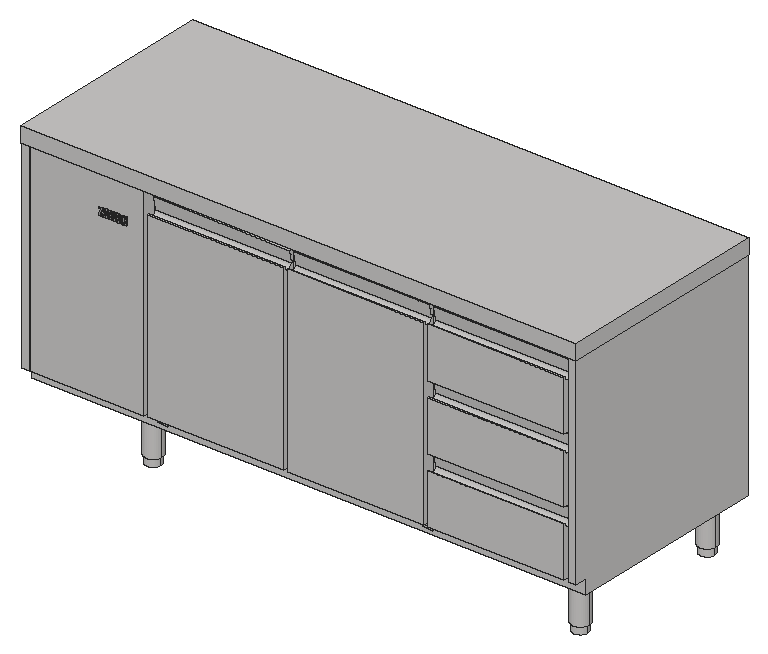
Revit family "QF_ZANUSSI_111043_ZH3HBAAC", category Specialty Equipment, Revit 2018
Family settings
  Round Connector Dimension = Use Diameter
  Part Type = Normal
  Work Plane-Based = No
  Always vertical = Yes
  Cut with Voids When Loaded = No
  Shared = No
  Room Calculation Point = No
Parameters
  Weight = 0.00 kg
  Watts = 0.0232258 W
  Volts = 220 V
  URL Manufacturer = "http://www.zanussiprofessional.com/"
  URL = "http://www.zanussiprofessional.com/"
  Steam Supply Size = 0 mm
  Steam Supply Minimum Pressure = 0.0 Pa
  Steam Supply Maximum Pressure = 0.0 Pa
  Steam Pounds per Hour = 0
  Show Logo [instance] = yes
  Show Clearance [instance] = yes
  Refrigeration Suction Line Size = 0 mm
  Refrigeration Liquid Line Size = 0 mm
  Refrigerant Compressor Remote = yes
  Manufacturer = "Zanussi"
  Phase = 1
  Model = "ZH3HBAAC"
  Length Actual = 1799 mm  # constant formula
  Item Number = "111043"
  Hot Water Size = 0 mm
  Height Actual = 900 mm  # constant formula
  HP = "0.3 HP"
  Gas Size = 0 mm
  Gas KW = 0
  Gas Input Pressure = 0 W
  Description = "2DOOR+3x1/3DRAWERS REFR.TABLE 440L"
  Depth Actual = 700 mm  # constant formula
  Cycle = 50 Hz
  Condensate Return Size = 0 mm
  Compressed Air Volume = 0.0 L/s
  Compressed Air Size = 0 mm
  Compressed Air Pressure = 0.0 Pa
  Cold Water Size = 0 mm
  Accessory = yes
Reference planes
  plane 1 "Center X": y = 182.5
  plane 2: z = 0
  plane 3 "Center Y": x = -353.5
  plane 4: y = -62.5
  plane 5: y = 451.5
  plane 6 "BACK": y = 532.5
  plane 7 "FRONT": y = -167.5
  plane 8: x = -906
  plane 9: x = 478
  plane 10: z = 150
  plane 11 "TOP": z = 900
  plane 12: z = 850
  plane 13 "LEFT": x = -1251
  plane 14 "RIGHT": x = 544
  plane 15: x = -1253
  plane 16: x = 546
Forms (mm)
  Extrusion 1, solid, material "QF_Finishes_Stainless Steel"
    sketch origin (-353.5, 2, 0) x (0, 1, 0) y (0, 0, 1)
      loop
        line (530.5, 150) -> (530.5, 850) -> (-124.5, 850) -> (-124.5, 150) -> (530.5, 150)
    from -897.5 to 897.5
  Extrusion 2, solid, material "QF_Finishes_Stainless Steel"
    sketch origin (-1022.223, -1524, 150) x (-1, 0, 0) y (0, -1, 0)
      loop
        line (228.777, -1361.5) -> (203.777, -1361.5) -> (203.777, -1401.5) -> (228.777, -1401.5) -> (228.777, -1361.5)
      loop
        line (-1566.223, -1401.5) -> (-1541.223, -1401.5) -> (-1541.223, -1361.5) -> (-1566.223, -1361.5) -> (-1566.223, -1401.5)
    from 47 to 700
  Extrusion 3, solid, material "QF_Finishes_Stainless Steel"
    sketch origin (0, 0, 900) x (-1, 0, 0) y (0, -1, 0)
      loop
        circle (170, -94.5) r 8.45
    from -790.577 to -750
  Extrusion 4, solid, material "QF_Finishes_Stainless Steel"
    sketch origin (0, 0, 0) x (1, 0, 0) y (0, 1, 0)
      loop
        circle (-1167, 451.5) r 4
    from 109.423 to 150
  Extrusion 5, solid, material "QF_Finishes_Stainless Steel"
    sketch origin (-126.5, 0, 0) x (0, 1, 0) y (0, 0, 1)
      loop
        line (-167.5, 900) -> (-167.5, 850) -> (532.5, 850) -> (532.5, 900) -> (-167.5, 900)
    from 672.5 to -1126.5
Cuts and joins
  joined: Extrusion 1, Extrusion 2
Lines and regions (mm)
  symbolic lines, style "SpecialityEquipmentHiddenLines"
    curve 1: line (-1253, -122.5, 900) -> (546, -122.5, 900)
    curve 2: line (-850, -167.5, 900) -> (-850, -122.5, 900)
  symbolic lines, style "SpecialityEquipment"
    curve 3: line (-1253, 532.5, 900) -> (546, 532.5, 900)
    curve 4: line (-1253, 532.5, 900) -> (-1253, -167.5, 900)
    curve 5: line (-1253, -167.5, 900) -> (546, -167.5, 900)
    curve 6: line (546, -167.5, 900) -> (546, 532.5, 900)
Dimensions and locks
  locked: plane 6 "BACK" to plane 7 "FRONT" at 700
  equal spacing: plane 6 "BACK", plane 1 "Center X", plane 7 "FRONT"
  locked: plane 6 "BACK" to plane 5 at 81
  plane 10 to level = 150 mm
  plane 11 "TOP" to plane 12 to plane 10 = 50 mm locked, 700 mm locked
  locked: Extrusion 2 sketch curve to Extrusion 2 sketch curve at 25  (x2)
  locked: plane 4 to plane 7 "FRONT" at 105
  locked: plane 6 "BACK" to Extrusion 3 sketch curve at 438
  equal spacing: plane 13 "LEFT", plane 3 "Center Y", plane 14 "RIGHT"
  plane 15 to plane 16 = 1799 mm
  locked: plane 13 "LEFT" to plane 8 at 345
  locked: plane 9 to plane 14 "RIGHT" at 66
  Extrusion 3 sketch curve to plane 14 "RIGHT" = 714 mm
  plane 13 "LEFT" to Extrusion 4 sketch curve = 84 mm
  locked: plane 6 "BACK" to Extrusion 4 sketch curve at 81
  locked: plane 10 to Extrusion 4 at 40.577
  aligned and locked: level to plane 2
  aligned and locked: plane 10 to Extrusion 3
  aligned and locked: nested 4 to plane 4
  aligned and locked: nested 1 to plane 4
  aligned and locked: nested 3 to plane 5
  aligned and locked: nested 2 to plane 5
  aligned and locked: plane 8 to nested 1
  aligned and locked: plane 8 to nested 2
  aligned and locked: plane 9 to nested 4
  aligned and locked: plane 9 to nested 3
  aligned and locked: Extrusion 1 to Extrusion 2
  aligned and locked: Extrusion 2 to Extrusion 1
  aligned and locked: Extrusion 2 sketch curve to plane 14 "RIGHT"
  aligned and locked: plane 13 "LEFT" to Extrusion 2 sketch curve
  aligned and locked: cut or joined group of Extrusion 1, Extrusion 2 to plane 10
  aligned and locked: plane 12 to cut or joined group of Extrusion 1, Extrusion 2
  aligned and locked: plane 10 to Extrusion 4
Automatic sketch dimensions
  plane 7 "FRONT" to Extrusion 2 sketch curve = 45 mm  (x2)
  plane 7 "FRONT" to Extrusion 2 sketch curve = 5 mm  (x2)
  Extrusion 1 sketch curve to plane 10 = 0 mm
  Extrusion 1 sketch curve to plane 12 = 0 mm
  Extrusion 1 sketch curve to plane 6 "BACK" = 0 mm
  plane 7 "FRONT" to Extrusion 1 sketch curve = 45 mm
  Extrusion 5 sketch curve to plane 7 "FRONT" = 0 mm
  Extrusion 5 sketch curve to plane 6 "BACK" = 0 mm
  Extrusion 5 sketch curve to plane 12 = 0 mm
  Extrusion 5 sketch curve to plane 11 "TOP" = 0 mm
  curve 6 to plane 6 "BACK" = 0 mm
  curve 6 to plane 16 = 0 mm
  curve 2 to plane 7 "FRONT" = 0 mm
  curve 5 to plane 15 = 0 mm
  plane 8 to curve 2 = 56 mm
  curve 1 to curve 4 = 45 mm
  radius of Extrusion 3 sketch curve = 8.45 mm
  radius of Extrusion 4 sketch curve = 4 mm
Nested families
  nested 1: "Foot_Ø50_H150" at (-906, -62.5, 0), type "Foot_Ø50_H150"
  nested 2: "Foot_Ø50_H150" at (-906, 451.5, 0), type "Foot_Ø50_H150"
  nested 3: "Foot_Ø50_H150" at (478, 451.5, 0), type "Foot_Ø50_H150"
  nested 4: "Foot_Ø50_H150" at (478, -62.5, 0), type "Foot_Ø50_H150"
  nested 5: "3x1-3 Drawers" at (285, -164.5, 0), Show Clearance <- "Show Clearance", type "3x1-3 Drawers"
  nested 6: "Door" at (-169, -164.5, 0), Show Clearance <- "Show Clearance", type "Door"
  nested 7: "Refrigerator" at (544, -167.5, 900), type "Refrigerator"
  nested 8: "ZAN_Cooling Unit" at (-1041.5, -164.5, 0), Show Logo <- "Show Logo", type "ZAN_Cooling Unit"
  nested 9: "Door" at (-623, -164.5, 0) x (-1, 0, 0) z (0, 0, 1), Show Clearance <- "Show Clearance", type "Door"
Connectors
  electrical at (-1167, 451.5, 109.423), driven by "Volts"
    settings: on Extrusion 4, index 4, voltage 220 V, apparent load 0 VA, apparent load phase1 0 VA, apparent load phase2 0 VA, apparent load phase3 0 VA, power factor 1, load classification "Altro", number of poles 1, system type 30, power factor state 1, is connector primary yes, connector utility no, sub classification motor no, connector description "Electrical Connection"
  piping at (-170, 94.5, 109.423), diameter 17
    settings: on Extrusion 3, index 5, connector inside diameter 609.6 mm, connector length 0 mm, flow factor 0, pipe flow 0.0 L/s, pressure drop 0.0 Pa, fitting loss kfactor 0, connector angle 0.00°, fixture units 0, engagement length 0 mm, angle of deflection 0.00°, flow configuration 1, flow direction 2, fitting loss method 0, system type 16, joint type 0, gender type 0, connector reference index -1, connector utility 0, adjustable connector no, is connector primary yes, connector description "Drain"
Definition of nested family "Foot_Ø50_H150"
  Reference planes
    plane 1 "Centro (Fronte/Retro)": y = 0
    plane 2: z = 0
    plane 3 "Centro (Sinistra/Destra)": x = 0
    plane 4: z = 150
  Forms (mm)
    Revolve 1, solid
      sketch origin (255.05, 0, 608.09) x (0, 0, 1) y (-1, 0, 0)
        loop
          line (-608.09, 255.05) -> (-608.09, 230.05) -> (-583.09, 230.05) -> (-583.09, 226.05) -> (-458.09, 226.05) -> (-458.09, 255.05) -> (-608.09, 255.05)
        axis (-608.09, 255.05) -> (-458.09, 255.05)
      angle from 0 to 360
  Dimensions and locks
    locked: Revolve 1 sketch curve to Revolve 1 sketch curve at 125
    aligned and locked: level to plane 2
    aligned and locked: plane 4 to Revolve 1 sketch curve
    aligned and locked: Revolve 1 sketch curve to level
    aligned and locked: plane 3 "Centro (Sinistra/Destra)" to Revolve 1 sketch curve
Definition of nested family "3x1-3 Drawers"
  Parameters
    Show Clearance [instance] = yes
  Reference planes
    plane 1 "FRONT": y = -3
    plane 2: z = 0
    plane 3 "Centro (Sinistra/Destra)": x = 0
    plane 4: z = 150
    plane 5: z = 850
    plane 6: x = -234
    plane 7: x = 234
    plane 8: x = -220
    plane 9: x = 220
  Forms (mm)
    Extrusion 1, solid
      sketch origin (0, 55, 511) x (0, 0, 1) y (0, -1, 0)
        loop
          line (314, 18) -> (314, 29) -> (274.395, 22.5)
          arc (274.395, 22.5) -> (260.395, 36.5) -> (274.395, 50.5) r 14
          line (274.395, 50.5) -> (274.395, 53) -> (111.333, 53) -> (111.333, 18) -> (314, 18)
        loop
          line (101.333, 29) -> (61.728, 22.5)
          arc (61.728, 22.5) -> (47.728, 36.5) -> (61.728, 50.5) r 14
          line (61.728, 50.5) -> (61.728, 53) -> (-101.333, 53) -> (-101.333, 18) -> (101.333, 18) -> (101.333, 29)
        loop
          line (-314, 18) -> (-111.333, 18) -> (-111.333, 29) -> (-150.939, 22.5)
          arc (-150.939, 22.5) -> (-164.939, 36.5) -> (-150.939, 50.5) r 14
          line (-150.939, 50.5) -> (-150.939, 53) -> (-314, 53) -> (-314, 18)
      from -220 to 220
    Extrusion 2, solid, visible <- "Show Clearance", detail levels coarse
      sketch origin (0, -462, 511) x (0, 0, 1) y (0, -1, 0)
        loop
          line (-314, 109) -> (-314, -464) -> (-111.333, -464) -> (-111.333, 109) -> (-314, 109)
        loop
          line (314, -464) -> (314, 109) -> (111.333, 109) -> (111.333, -464) -> (314, -464)
        loop
          line (101.333, 109) -> (-101.333, 109) -> (-101.333, -464) -> (101.333, -464) -> (101.333, 109)
      from -220 to 220
  Lines and regions (mm)
    symbolic lines
      curve 1: line (-190, -3, 0) -> (-190, -48, 0)
      curve 2: line (220, -48, 0) -> (-220, -48, 0)
      curve 3: line (-220, -48, 0) -> (-220, -83, 0)
      curve 4: line (-220, -83, 0) -> (220, -83, 0)
      curve 5: line (220, -83, 0) -> (220, -48, 0)
      curve 6: line (190, -48, 0) -> (190, -3, 0)
      curve 7: line (-190, -83, 0) -> (-190, -128, 0)
      curve 8: line (220, -128, 0) -> (-220, -128, 0)
      curve 9: line (-220, -128, 0) -> (-220, -163, 0)
      curve 10: line (-220, -163, 0) -> (220, -163, 0)
      curve 11: line (220, -163, 0) -> (220, -128, 0)
      curve 12: line (190, -128, 0) -> (190, -83, 0)
      curve 13: line (-190, -163, 0) -> (-190, -208, 0)
      curve 14: line (220, -208, 0) -> (-220, -208, 0)
      curve 15: line (-220, -208, 0) -> (-220, -243, 0)
      curve 16: line (-220, -243, 0) -> (220, -243, 0)
      curve 17: line (220, -243, 0) -> (220, -208, 0)
      curve 18: line (190, -208, 0) -> (190, -163, 0)
  Dimensions and locks
    aligned and locked: level to plane 2
Definition of nested family "Door"
  Parameters
    Show Clearance [instance] = yes
  Reference planes
    plane 1 "FRONT": y = -3
    plane 2: z = 0
    plane 3 "Centro (Sinistra/Destra)": x = 0
    plane 4: z = 150
    plane 5: z = 850
    plane 6: x = -234
    plane 7: x = 234
    plane 8: x = -220
    plane 9: x = 220
  Forms (mm)
    Extrusion 1, solid
      sketch origin (0, 53, 511) x (0, 0, 1) y (0, -1, 0)
        loop
          line (-323.003, 28.5) -> (-316.501, 28.5) -> (-316.501, 31) -> (-325.503, 31) -> (-325.503, 13.5) -> (-345.503, 13.5) -> (-345.503, 11) -> (-323.003, 11) -> (-323.003, 23.259) -> (-323.003, 28.5)
        loop
          line (-314, 27) -> (-316.501, 27) -> (-316.501, 18.501) -> (-319.752, 18.501) -> (-319.752, 16) -> (-314, 16) -> (-314, 27)
        loop
          line (315.003, 27) -> (315.003, 13.948) -> (315.003, 11) -> (327.503, 11) -> (327.503, 13.5) -> (317.503, 13.5) -> (317.503, 27) -> (315.003, 27)
      from 185 to 220
    Extrusion 2, solid, visible <- "Show Clearance", detail levels coarse
      sketch origin (0, 53, 511) x (0, -1, 0) y (1, 0, 0)
        loop
          line (51, 220) -> (51, -220)
          arc (51, -220) -> (339.234, -79.44) -> (454, 220) r 437.168
          line (454, 220) -> (51, 220)
      from -314 to 314
    Extrusion 3, solid
      sketch origin (0, 55, 511) x (0, 0, 1) y (0, -1, 0)
        loop
          line (314, 18) -> (314, 29) -> (274.395, 22.5)
          arc (274.395, 22.5) -> (260.395, 36.5) -> (274.395, 50.5) r 14
          line (274.395, 50.5) -> (274.395, 53) -> (-314, 53) -> (-314, 18) -> (314, 18)
      from -220 to 220
  Lines and regions (mm)
    symbolic lines
      curve 1: line (220, -3, 0) -> (220, -401, 0)
      curve 2: line (220, -401, 0) -> (185, -401, 0)
      curve 3: line (185, -401, 0) -> (185, -3, 0)
      curve 4: arc (-219.722, -3, 0) -> (-89.51, -275.368, 0) -> (185, -401, 0) r 442.855
  Dimensions and locks
    aligned and locked: level to plane 2
Definition of nested family "ZAN_Cooling Unit"
  Parameters
    Show Logo [instance] = yes
  Reference planes
    plane 1 "FRONT": y = -3
    plane 2: z = 0
    plane 3 "Centro (Sinistra/Destra)": x = 0
    plane 4: z = 150
    plane 5: z = 850
    plane 6: x = -184.5
    plane 7: x = 184.5
  Forms (mm)
    Extrusion 1, solid
      sketch origin (0, 55, 511) x (0, 0, 1) y (0, -1, 0)
        loop
          line (-314, 53) -> (-314, 13) -> (339, 13) -> (339, 53) -> (-314, 53)
      from -184.5 to 184.5
  Lines and regions (mm)
    Split face 1
      outline origin (0, 2, 197) x (0, 0, 1) y (-1, 0, 0)
        loop
          line (566.835, 184.5) -> (566.835, -184.5)
        loop
          line (521.835, 184.5) -> (521.835, -184.5)
    Split face 2
      outline origin (0, 2, 197) x (0, 0, 1) y (-1, 0, 0)
        loop
          arc (510.649, 158.547) -> (506.648, 162.548) -> (502.647, 158.547) r 4.001
          line (502.647, 158.547) -> (502.647, 116.535)
          arc (502.647, 116.535) -> (506.648, 112.533) -> (510.649, 116.535) r 4.001
          line (510.649, 116.535) -> (510.649, 158.547)
    Split face 3
      outline origin (0, 2, 184.996) x (0, 0, 1) y (-1, 0, 0)
        loop
          arc (510.649, 158.547) -> (506.648, 162.548) -> (502.647, 158.547) r 4.001
          line (502.647, 158.547) -> (502.647, 116.535)
          arc (502.647, 116.535) -> (506.648, 112.533) -> (510.649, 116.535) r 4.001
          line (510.649, 116.535) -> (510.649, 158.547)
    Split face 4
      outline origin (0, 2, 172.993) x (0, 0, 1) y (-1, 0, 0)
        loop
          arc (510.649, 158.547) -> (506.648, 162.548) -> (502.647, 158.547) r 4.001
          line (502.647, 158.547) -> (502.647, 116.535)
          arc (502.647, 116.535) -> (506.648, 112.533) -> (510.649, 116.535) r 4.001
          line (510.649, 116.535) -> (510.649, 158.547)
    Split face 5
      outline origin (0, 2, 160.989) x (0, 0, 1) y (-1, 0, 0)
        loop
          arc (510.649, 158.547) -> (506.648, 162.548) -> (502.647, 158.547) r 4.001
          line (502.647, 158.547) -> (502.647, 116.535)
          arc (502.647, 116.535) -> (506.648, 112.533) -> (510.649, 116.535) r 4.001
          line (510.649, 116.535) -> (510.649, 158.547)
    Split face 6
      outline origin (0, 2, 148.986) x (0, 0, 1) y (-1, 0, 0)
        loop
          arc (510.649, 158.547) -> (506.648, 162.548) -> (502.647, 158.547) r 4.001
          line (502.647, 158.547) -> (502.647, 116.535)
          arc (502.647, 116.535) -> (506.648, 112.533) -> (510.649, 116.535) r 4.001
          line (510.649, 116.535) -> (510.649, 158.547)
    Split face 7
      outline origin (0, 2, 136.982) x (0, 0, 1) y (-1, 0, 0)
        loop
          arc (510.649, 158.547) -> (506.648, 162.548) -> (502.647, 158.547) r 4.001
          line (502.647, 158.547) -> (502.647, 116.535)
          arc (502.647, 116.535) -> (506.648, 112.533) -> (510.649, 116.535) r 4.001
          line (510.649, 116.535) -> (510.649, 158.547)
    Split face 8
      outline origin (0, 2, 124.979) x (0, 0, 1) y (-1, 0, 0)
        loop
          arc (510.649, 158.547) -> (506.648, 162.548) -> (502.647, 158.547) r 4.001
          line (502.647, 158.547) -> (502.647, 116.535)
          arc (502.647, 116.535) -> (506.648, 112.533) -> (510.649, 116.535) r 4.001
          line (510.649, 116.535) -> (510.649, 158.547)
    Split face 9
      outline origin (0, 2, 112.975) x (0, 0, 1) y (-1, 0, 0)
        loop
          arc (510.649, 158.547) -> (506.648, 162.548) -> (502.647, 158.547) r 4.001
          line (502.647, 158.547) -> (502.647, 116.535)
          arc (502.647, 116.535) -> (506.648, 112.533) -> (510.649, 116.535) r 4.001
          line (510.649, 116.535) -> (510.649, 158.547)
    Split face 10
      outline origin (0, 2, 100.972) x (0, 0, 1) y (-1, 0, 0)
        loop
          arc (510.649, 158.547) -> (506.648, 162.548) -> (502.647, 158.547) r 4.001
          line (502.647, 158.547) -> (502.647, 116.535)
          arc (502.647, 116.535) -> (506.648, 112.533) -> (510.649, 116.535) r 4.001
          line (510.649, 116.535) -> (510.649, 158.547)
    Split face 11
      outline origin (0, 2, 88.968) x (0, 0, 1) y (-1, 0, 0)
        loop
          arc (510.649, 158.547) -> (506.648, 162.548) -> (502.647, 158.547) r 4.001
          line (502.647, 158.547) -> (502.647, 116.535)
          arc (502.647, 116.535) -> (506.648, 112.533) -> (510.649, 116.535) r 4.001
          line (510.649, 116.535) -> (510.649, 158.547)
    Split face 12
      outline origin (0, 2, 76.965) x (0, 0, 1) y (-1, 0, 0)
        loop
          arc (510.649, 158.547) -> (506.648, 162.548) -> (502.647, 158.547) r 4.001
          line (502.647, 158.547) -> (502.647, 116.535)
          arc (502.647, 116.535) -> (506.648, 112.533) -> (510.649, 116.535) r 4.001
          line (510.649, 116.535) -> (510.649, 158.547)
    Split face 13
      outline origin (0, 2, 64.961) x (0, 0, 1) y (-1, 0, 0)
        loop
          arc (510.649, 158.547) -> (506.648, 162.548) -> (502.647, 158.547) r 4.001
          line (502.647, 158.547) -> (502.647, 116.535)
          arc (502.647, 116.535) -> (506.648, 112.533) -> (510.649, 116.535) r 4.001
          line (510.649, 116.535) -> (510.649, 158.547)
    Split face 14
      outline origin (0, 2, 52.958) x (0, 0, 1) y (-1, 0, 0)
        loop
          arc (510.649, 158.547) -> (506.648, 162.548) -> (502.647, 158.547) r 4.001
          line (502.647, 158.547) -> (502.647, 116.535)
          arc (502.647, 116.535) -> (506.648, 112.533) -> (510.649, 116.535) r 4.001
          line (510.649, 116.535) -> (510.649, 158.547)
    Split face 15
      outline origin (0, 2, 40.954) x (0, 0, 1) y (-1, 0, 0)
        loop
          arc (510.649, 158.547) -> (506.648, 162.548) -> (502.647, 158.547) r 4.001
          line (502.647, 158.547) -> (502.647, 116.535)
          arc (502.647, 116.535) -> (506.648, 112.533) -> (510.649, 116.535) r 4.001
          line (510.649, 116.535) -> (510.649, 158.547)
    Split face 16
      outline origin (0, 2, 28.951) x (0, 0, 1) y (-1, 0, 0)
        loop
          arc (510.649, 158.547) -> (506.648, 162.548) -> (502.647, 158.547) r 4.001
          line (502.647, 158.547) -> (502.647, 116.535)
          arc (502.647, 116.535) -> (506.648, 112.533) -> (510.649, 116.535) r 4.001
          line (510.649, 116.535) -> (510.649, 158.547)
    Split face 17
      outline origin (0, 2, 16.947) x (0, 0, 1) y (-1, 0, 0)
        loop
          arc (510.649, 158.547) -> (506.648, 162.548) -> (502.647, 158.547) r 4.001
          line (502.647, 158.547) -> (502.647, 116.535)
          arc (502.647, 116.535) -> (506.648, 112.533) -> (510.649, 116.535) r 4.001
          line (510.649, 116.535) -> (510.649, 158.547)
    Split face 18
      outline origin (55.016, 2, 197) x (0, 0, 1) y (-1, 0, 0)
        loop
          arc (510.649, 158.547) -> (506.648, 162.548) -> (502.647, 158.547) r 4.001
          line (502.647, 158.547) -> (502.647, 116.535)
          arc (502.647, 116.535) -> (506.648, 112.533) -> (510.649, 116.535) r 4.001
          line (510.649, 116.535) -> (510.649, 158.547)
    Split face 19
      outline origin (55.016, 2, 184.996) x (0, 0, 1) y (-1, 0, 0)
        loop
          arc (510.649, 158.547) -> (506.648, 162.548) -> (502.647, 158.547) r 4.001
          line (502.647, 158.547) -> (502.647, 116.535)
          arc (502.647, 116.535) -> (506.648, 112.533) -> (510.649, 116.535) r 4.001
          line (510.649, 116.535) -> (510.649, 158.547)
    Split face 20
      outline origin (55.016, 2, 172.993) x (0, 0, 1) y (-1, 0, 0)
        loop
          arc (510.649, 158.547) -> (506.648, 162.548) -> (502.647, 158.547) r 4.001
          line (502.647, 158.547) -> (502.647, 116.535)
          arc (502.647, 116.535) -> (506.648, 112.533) -> (510.649, 116.535) r 4.001
          line (510.649, 116.535) -> (510.649, 158.547)
    Split face 21
      outline origin (55.016, 2, 160.989) x (0, 0, 1) y (-1, 0, 0)
        loop
          arc (510.649, 158.547) -> (506.648, 162.548) -> (502.647, 158.547) r 4.001
          line (502.647, 158.547) -> (502.647, 116.535)
          arc (502.647, 116.535) -> (506.648, 112.533) -> (510.649, 116.535) r 4.001
          line (510.649, 116.535) -> (510.649, 158.547)
    Split face 22
      outline origin (55.016, 2, 148.986) x (0, 0, 1) y (-1, 0, 0)
        loop
          arc (510.649, 158.547) -> (506.648, 162.548) -> (502.647, 158.547) r 4.001
          line (502.647, 158.547) -> (502.647, 116.535)
          arc (502.647, 116.535) -> (506.648, 112.533) -> (510.649, 116.535) r 4.001
          line (510.649, 116.535) -> (510.649, 158.547)
    Split face 23
      outline origin (55.016, 2, 136.982) x (0, 0, 1) y (-1, 0, 0)
        loop
          arc (510.649, 158.547) -> (506.648, 162.548) -> (502.647, 158.547) r 4.001
          line (502.647, 158.547) -> (502.647, 116.535)
          arc (502.647, 116.535) -> (506.648, 112.533) -> (510.649, 116.535) r 4.001
          line (510.649, 116.535) -> (510.649, 158.547)
    Split face 24
      outline origin (55.016, 2, 124.979) x (0, 0, 1) y (-1, 0, 0)
        loop
          arc (510.649, 158.547) -> (506.648, 162.548) -> (502.647, 158.547) r 4.001
          line (502.647, 158.547) -> (502.647, 116.535)
          arc (502.647, 116.535) -> (506.648, 112.533) -> (510.649, 116.535) r 4.001
          line (510.649, 116.535) -> (510.649, 158.547)
    Split face 25
      outline origin (55.016, 2, 112.975) x (0, 0, 1) y (-1, 0, 0)
        loop
          arc (510.649, 158.547) -> (506.648, 162.548) -> (502.647, 158.547) r 4.001
          line (502.647, 158.547) -> (502.647, 116.535)
          arc (502.647, 116.535) -> (506.648, 112.533) -> (510.649, 116.535) r 4.001
          line (510.649, 116.535) -> (510.649, 158.547)
    Split face 26
      outline origin (55.016, 2, 100.972) x (0, 0, 1) y (-1, 0, 0)
        loop
          arc (510.649, 158.547) -> (506.648, 162.548) -> (502.647, 158.547) r 4.001
          line (502.647, 158.547) -> (502.647, 116.535)
          arc (502.647, 116.535) -> (506.648, 112.533) -> (510.649, 116.535) r 4.001
          line (510.649, 116.535) -> (510.649, 158.547)
    Split face 27
      outline origin (55.016, 2, 88.968) x (0, 0, 1) y (-1, 0, 0)
        loop
          arc (510.649, 158.547) -> (506.648, 162.548) -> (502.647, 158.547) r 4.001
          line (502.647, 158.547) -> (502.647, 116.535)
          arc (502.647, 116.535) -> (506.648, 112.533) -> (510.649, 116.535) r 4.001
          line (510.649, 116.535) -> (510.649, 158.547)
    Split face 28
      outline origin (55.016, 2, 76.965) x (0, 0, 1) y (-1, 0, 0)
        loop
          arc (510.649, 158.547) -> (506.648, 162.548) -> (502.647, 158.547) r 4.001
          line (502.647, 158.547) -> (502.647, 116.535)
          arc (502.647, 116.535) -> (506.648, 112.533) -> (510.649, 116.535) r 4.001
          line (510.649, 116.535) -> (510.649, 158.547)
    Split face 29
      outline origin (55.016, 2, 64.961) x (0, 0, 1) y (-1, 0, 0)
        loop
          arc (510.649, 158.547) -> (506.648, 162.548) -> (502.647, 158.547) r 4.001
          line (502.647, 158.547) -> (502.647, 116.535)
          arc (502.647, 116.535) -> (506.648, 112.533) -> (510.649, 116.535) r 4.001
          line (510.649, 116.535) -> (510.649, 158.547)
    Split face 30
      outline origin (55.016, 2, 52.958) x (0, 0, 1) y (-1, 0, 0)
        loop
          arc (510.649, 158.547) -> (506.648, 162.548) -> (502.647, 158.547) r 4.001
          line (502.647, 158.547) -> (502.647, 116.535)
          arc (502.647, 116.535) -> (506.648, 112.533) -> (510.649, 116.535) r 4.001
          line (510.649, 116.535) -> (510.649, 158.547)
    Split face 31
      outline origin (55.016, 2, 40.954) x (0, 0, 1) y (-1, 0, 0)
        loop
          arc (510.649, 158.547) -> (506.648, 162.548) -> (502.647, 158.547) r 4.001
          line (502.647, 158.547) -> (502.647, 116.535)
          arc (502.647, 116.535) -> (506.648, 112.533) -> (510.649, 116.535) r 4.001
          line (510.649, 116.535) -> (510.649, 158.547)
    Split face 32
      outline origin (55.016, 2, 28.951) x (0, 0, 1) y (-1, 0, 0)
        loop
          arc (510.649, 158.547) -> (506.648, 162.548) -> (502.647, 158.547) r 4.001
          line (502.647, 158.547) -> (502.647, 116.535)
          arc (502.647, 116.535) -> (506.648, 112.533) -> (510.649, 116.535) r 4.001
          line (510.649, 116.535) -> (510.649, 158.547)
    Split face 33
      outline origin (55.016, 2, 16.947) x (0, 0, 1) y (-1, 0, 0)
        loop
          arc (510.649, 158.547) -> (506.648, 162.548) -> (502.647, 158.547) r 4.001
          line (502.647, 158.547) -> (502.647, 116.535)
          arc (502.647, 116.535) -> (506.648, 112.533) -> (510.649, 116.535) r 4.001
          line (510.649, 116.535) -> (510.649, 158.547)
    Split face 34
      outline origin (110.032, 2, 197) x (0, 0, 1) y (-1, 0, 0)
        loop
          arc (510.649, 158.547) -> (506.648, 162.548) -> (502.647, 158.547) r 4.001
          line (502.647, 158.547) -> (502.647, 116.535)
          arc (502.647, 116.535) -> (506.648, 112.533) -> (510.649, 116.535) r 4.001
          line (510.649, 116.535) -> (510.649, 158.547)
    Split face 35
      outline origin (110.032, 2, 184.996) x (0, 0, 1) y (-1, 0, 0)
        loop
          arc (510.649, 158.547) -> (506.648, 162.548) -> (502.647, 158.547) r 4.001
          line (502.647, 158.547) -> (502.647, 116.535)
          arc (502.647, 116.535) -> (506.648, 112.533) -> (510.649, 116.535) r 4.001
          line (510.649, 116.535) -> (510.649, 158.547)
    Split face 36
      outline origin (110.032, 2, 172.993) x (0, 0, 1) y (-1, 0, 0)
        loop
          arc (510.649, 158.547) -> (506.648, 162.548) -> (502.647, 158.547) r 4.001
          line (502.647, 158.547) -> (502.647, 116.535)
          arc (502.647, 116.535) -> (506.648, 112.533) -> (510.649, 116.535) r 4.001
          line (510.649, 116.535) -> (510.649, 158.547)
    Split face 37
      outline origin (110.032, 2, 160.989) x (0, 0, 1) y (-1, 0, 0)
        loop
          arc (510.649, 158.547) -> (506.648, 162.548) -> (502.647, 158.547) r 4.001
          line (502.647, 158.547) -> (502.647, 116.535)
          arc (502.647, 116.535) -> (506.648, 112.533) -> (510.649, 116.535) r 4.001
          line (510.649, 116.535) -> (510.649, 158.547)
    Split face 38
      outline origin (110.032, 2, 148.986) x (0, 0, 1) y (-1, 0, 0)
        loop
          arc (510.649, 158.547) -> (506.648, 162.548) -> (502.647, 158.547) r 4.001
          line (502.647, 158.547) -> (502.647, 116.535)
          arc (502.647, 116.535) -> (506.648, 112.533) -> (510.649, 116.535) r 4.001
          line (510.649, 116.535) -> (510.649, 158.547)
    Split face 39
      outline origin (110.032, 2, 136.982) x (0, 0, 1) y (-1, 0, 0)
        loop
          arc (510.649, 158.547) -> (506.648, 162.548) -> (502.647, 158.547) r 4.001
          line (502.647, 158.547) -> (502.647, 116.535)
          arc (502.647, 116.535) -> (506.648, 112.533) -> (510.649, 116.535) r 4.001
          line (510.649, 116.535) -> (510.649, 158.547)
    Split face 40
      outline origin (110.032, 2, 124.979) x (0, 0, 1) y (-1, 0, 0)
        loop
          arc (510.649, 158.547) -> (506.648, 162.548) -> (502.647, 158.547) r 4.001
          line (502.647, 158.547) -> (502.647, 116.535)
          arc (502.647, 116.535) -> (506.648, 112.533) -> (510.649, 116.535) r 4.001
          line (510.649, 116.535) -> (510.649, 158.547)
    Split face 41
      outline origin (110.032, 2, 112.975) x (0, 0, 1) y (-1, 0, 0)
        loop
          arc (510.649, 158.547) -> (506.648, 162.548) -> (502.647, 158.547) r 4.001
          line (502.647, 158.547) -> (502.647, 116.535)
          arc (502.647, 116.535) -> (506.648, 112.533) -> (510.649, 116.535) r 4.001
          line (510.649, 116.535) -> (510.649, 158.547)
    Split face 42
      outline origin (110.032, 2, 100.972) x (0, 0, 1) y (-1, 0, 0)
        loop
          arc (510.649, 158.547) -> (506.648, 162.548) -> (502.647, 158.547) r 4.001
          line (502.647, 158.547) -> (502.647, 116.535)
          arc (502.647, 116.535) -> (506.648, 112.533) -> (510.649, 116.535) r 4.001
          line (510.649, 116.535) -> (510.649, 158.547)
    Split face 43
      outline origin (110.032, 2, 88.968) x (0, 0, 1) y (-1, 0, 0)
        loop
          arc (510.649, 158.547) -> (506.648, 162.548) -> (502.647, 158.547) r 4.001
          line (502.647, 158.547) -> (502.647, 116.535)
          arc (502.647, 116.535) -> (506.648, 112.533) -> (510.649, 116.535) r 4.001
          line (510.649, 116.535) -> (510.649, 158.547)
    Split face 44
      outline origin (110.032, 2, 76.965) x (0, 0, 1) y (-1, 0, 0)
        loop
          arc (510.649, 158.547) -> (506.648, 162.548) -> (502.647, 158.547) r 4.001
          line (502.647, 158.547) -> (502.647, 116.535)
          arc (502.647, 116.535) -> (506.648, 112.533) -> (510.649, 116.535) r 4.001
          line (510.649, 116.535) -> (510.649, 158.547)
    Split face 45
      outline origin (110.032, 2, 64.961) x (0, 0, 1) y (-1, 0, 0)
        loop
          arc (510.649, 158.547) -> (506.648, 162.548) -> (502.647, 158.547) r 4.001
          line (502.647, 158.547) -> (502.647, 116.535)
          arc (502.647, 116.535) -> (506.648, 112.533) -> (510.649, 116.535) r 4.001
          line (510.649, 116.535) -> (510.649, 158.547)
    Split face 46
      outline origin (110.032, 2, 52.958) x (0, 0, 1) y (-1, 0, 0)
        loop
          arc (510.649, 158.547) -> (506.648, 162.548) -> (502.647, 158.547) r 4.001
          line (502.647, 158.547) -> (502.647, 116.535)
          arc (502.647, 116.535) -> (506.648, 112.533) -> (510.649, 116.535) r 4.001
          line (510.649, 116.535) -> (510.649, 158.547)
    Split face 47
      outline origin (110.032, 2, 40.954) x (0, 0, 1) y (-1, 0, 0)
        loop
          arc (510.649, 158.547) -> (506.648, 162.548) -> (502.647, 158.547) r 4.001
          line (502.647, 158.547) -> (502.647, 116.535)
          arc (502.647, 116.535) -> (506.648, 112.533) -> (510.649, 116.535) r 4.001
          line (510.649, 116.535) -> (510.649, 158.547)
    Split face 48
      outline origin (110.032, 2, 28.951) x (0, 0, 1) y (-1, 0, 0)
        loop
          arc (510.649, 158.547) -> (506.648, 162.548) -> (502.647, 158.547) r 4.001
          line (502.647, 158.547) -> (502.647, 116.535)
          arc (502.647, 116.535) -> (506.648, 112.533) -> (510.649, 116.535) r 4.001
          line (510.649, 116.535) -> (510.649, 158.547)
    Split face 49
      outline origin (110.032, 2, 16.947) x (0, 0, 1) y (-1, 0, 0)
        loop
          arc (510.649, 158.547) -> (506.648, 162.548) -> (502.647, 158.547) r 4.001
          line (502.647, 158.547) -> (502.647, 116.535)
          arc (502.647, 116.535) -> (506.648, 112.533) -> (510.649, 116.535) r 4.001
          line (510.649, 116.535) -> (510.649, 158.547)
    Split face 50
      outline origin (165.048, 2, 197) x (0, 0, 1) y (-1, 0, 0)
        loop
          arc (510.649, 158.547) -> (506.648, 162.548) -> (502.647, 158.547) r 4.001
          line (502.647, 158.547) -> (502.647, 116.535)
          arc (502.647, 116.535) -> (506.648, 112.533) -> (510.649, 116.535) r 4.001
          line (510.649, 116.535) -> (510.649, 158.547)
    Split face 51
      outline origin (165.048, 2, 184.996) x (0, 0, 1) y (-1, 0, 0)
        loop
          arc (510.649, 158.547) -> (506.648, 162.548) -> (502.647, 158.547) r 4.001
          line (502.647, 158.547) -> (502.647, 116.535)
          arc (502.647, 116.535) -> (506.648, 112.533) -> (510.649, 116.535) r 4.001
          line (510.649, 116.535) -> (510.649, 158.547)
    Split face 52
      outline origin (165.048, 2, 172.993) x (0, 0, 1) y (-1, 0, 0)
        loop
          arc (510.649, 158.547) -> (506.648, 162.548) -> (502.647, 158.547) r 4.001
          line (502.647, 158.547) -> (502.647, 116.535)
          arc (502.647, 116.535) -> (506.648, 112.533) -> (510.649, 116.535) r 4.001
          line (510.649, 116.535) -> (510.649, 158.547)
    Split face 53
      outline origin (165.048, 2, 160.989) x (0, 0, 1) y (-1, 0, 0)
        loop
          arc (510.649, 158.547) -> (506.648, 162.548) -> (502.647, 158.547) r 4.001
          line (502.647, 158.547) -> (502.647, 116.535)
          arc (502.647, 116.535) -> (506.648, 112.533) -> (510.649, 116.535) r 4.001
          line (510.649, 116.535) -> (510.649, 158.547)
    Split face 54
      outline origin (165.048, 2, 148.986) x (0, 0, 1) y (-1, 0, 0)
        loop
          arc (510.649, 158.547) -> (506.648, 162.548) -> (502.647, 158.547) r 4.001
          line (502.647, 158.547) -> (502.647, 116.535)
          arc (502.647, 116.535) -> (506.648, 112.533) -> (510.649, 116.535) r 4.001
          line (510.649, 116.535) -> (510.649, 158.547)
    Split face 55
      outline origin (165.048, 2, 136.982) x (0, 0, 1) y (-1, 0, 0)
        loop
          arc (510.649, 158.547) -> (506.648, 162.548) -> (502.647, 158.547) r 4.001
          line (502.647, 158.547) -> (502.647, 116.535)
          arc (502.647, 116.535) -> (506.648, 112.533) -> (510.649, 116.535) r 4.001
          line (510.649, 116.535) -> (510.649, 158.547)
    Split face 56
      outline origin (165.048, 2, 124.979) x (0, 0, 1) y (-1, 0, 0)
        loop
          arc (510.649, 158.547) -> (506.648, 162.548) -> (502.647, 158.547) r 4.001
          line (502.647, 158.547) -> (502.647, 116.535)
          arc (502.647, 116.535) -> (506.648, 112.533) -> (510.649, 116.535) r 4.001
          line (510.649, 116.535) -> (510.649, 158.547)
    Split face 57
      outline origin (165.048, 2, 112.975) x (0, 0, 1) y (-1, 0, 0)
        loop
          arc (510.649, 158.547) -> (506.648, 162.548) -> (502.647, 158.547) r 4.001
          line (502.647, 158.547) -> (502.647, 116.535)
          arc (502.647, 116.535) -> (506.648, 112.533) -> (510.649, 116.535) r 4.001
          line (510.649, 116.535) -> (510.649, 158.547)
    Split face 58
      outline origin (165.048, 2, 100.972) x (0, 0, 1) y (-1, 0, 0)
        loop
          arc (510.649, 158.547) -> (506.648, 162.548) -> (502.647, 158.547) r 4.001
          line (502.647, 158.547) -> (502.647, 116.535)
          arc (502.647, 116.535) -> (506.648, 112.533) -> (510.649, 116.535) r 4.001
          line (510.649, 116.535) -> (510.649, 158.547)
    Split face 59
      outline origin (165.048, 2, 88.968) x (0, 0, 1) y (-1, 0, 0)
        loop
          arc (510.649, 158.547) -> (506.648, 162.548) -> (502.647, 158.547) r 4.001
          line (502.647, 158.547) -> (502.647, 116.535)
          arc (502.647, 116.535) -> (506.648, 112.533) -> (510.649, 116.535) r 4.001
          line (510.649, 116.535) -> (510.649, 158.547)
    Split face 60
      outline origin (165.048, 2, 76.965) x (0, 0, 1) y (-1, 0, 0)
        loop
          arc (510.649, 158.547) -> (506.648, 162.548) -> (502.647, 158.547) r 4.001
          line (502.647, 158.547) -> (502.647, 116.535)
          arc (502.647, 116.535) -> (506.648, 112.533) -> (510.649, 116.535) r 4.001
          line (510.649, 116.535) -> (510.649, 158.547)
    Split face 61
      outline origin (165.048, 2, 64.961) x (0, 0, 1) y (-1, 0, 0)
        loop
          arc (510.649, 158.547) -> (506.648, 162.548) -> (502.647, 158.547) r 4.001
          line (502.647, 158.547) -> (502.647, 116.535)
          arc (502.647, 116.535) -> (506.648, 112.533) -> (510.649, 116.535) r 4.001
          line (510.649, 116.535) -> (510.649, 158.547)
    Split face 62
      outline origin (165.048, 2, 52.958) x (0, 0, 1) y (-1, 0, 0)
        loop
          arc (510.649, 158.547) -> (506.648, 162.548) -> (502.647, 158.547) r 4.001
          line (502.647, 158.547) -> (502.647, 116.535)
          arc (502.647, 116.535) -> (506.648, 112.533) -> (510.649, 116.535) r 4.001
          line (510.649, 116.535) -> (510.649, 158.547)
    Split face 63
      outline origin (165.048, 2, 40.954) x (0, 0, 1) y (-1, 0, 0)
        loop
          arc (510.649, 158.547) -> (506.648, 162.548) -> (502.647, 158.547) r 4.001
          line (502.647, 158.547) -> (502.647, 116.535)
          arc (502.647, 116.535) -> (506.648, 112.533) -> (510.649, 116.535) r 4.001
          line (510.649, 116.535) -> (510.649, 158.547)
    Split face 64
      outline origin (165.048, 2, 28.951) x (0, 0, 1) y (-1, 0, 0)
        loop
          arc (510.649, 158.547) -> (506.648, 162.548) -> (502.647, 158.547) r 4.001
          line (502.647, 158.547) -> (502.647, 116.535)
          arc (502.647, 116.535) -> (506.648, 112.533) -> (510.649, 116.535) r 4.001
          line (510.649, 116.535) -> (510.649, 158.547)
    Split face 65
      outline origin (165.048, 2, 16.947) x (0, 0, 1) y (-1, 0, 0)
        loop
          arc (510.649, 158.547) -> (506.648, 162.548) -> (502.647, 158.547) r 4.001
          line (502.647, 158.547) -> (502.647, 116.535)
          arc (502.647, 116.535) -> (506.648, 112.533) -> (510.649, 116.535) r 4.001
          line (510.649, 116.535) -> (510.649, 158.547)
    Split face 66
      outline origin (220.064, 2, 197) x (0, 0, 1) y (-1, 0, 0)
        loop
          arc (510.649, 158.547) -> (506.648, 162.548) -> (502.647, 158.547) r 4.001
          line (502.647, 158.547) -> (502.647, 116.535)
          arc (502.647, 116.535) -> (506.648, 112.533) -> (510.649, 116.535) r 4.001
          line (510.649, 116.535) -> (510.649, 158.547)
    Split face 67
      outline origin (220.064, 2, 184.996) x (0, 0, 1) y (-1, 0, 0)
        loop
          arc (510.649, 158.547) -> (506.648, 162.548) -> (502.647, 158.547) r 4.001
          line (502.647, 158.547) -> (502.647, 116.535)
          arc (502.647, 116.535) -> (506.648, 112.533) -> (510.649, 116.535) r 4.001
          line (510.649, 116.535) -> (510.649, 158.547)
    Split face 68
      outline origin (220.064, 2, 172.993) x (0, 0, 1) y (-1, 0, 0)
        loop
          arc (510.649, 158.547) -> (506.648, 162.548) -> (502.647, 158.547) r 4.001
          line (502.647, 158.547) -> (502.647, 116.535)
          arc (502.647, 116.535) -> (506.648, 112.533) -> (510.649, 116.535) r 4.001
          line (510.649, 116.535) -> (510.649, 158.547)
    Split face 69
      outline origin (220.064, 2, 160.989) x (0, 0, 1) y (-1, 0, 0)
        loop
          arc (510.649, 158.547) -> (506.648, 162.548) -> (502.647, 158.547) r 4.001
          line (502.647, 158.547) -> (502.647, 116.535)
          arc (502.647, 116.535) -> (506.648, 112.533) -> (510.649, 116.535) r 4.001
          line (510.649, 116.535) -> (510.649, 158.547)
    Split face 70
      outline origin (220.064, 2, 148.986) x (0, 0, 1) y (-1, 0, 0)
        loop
          arc (510.649, 158.547) -> (506.648, 162.548) -> (502.647, 158.547) r 4.001
          line (502.647, 158.547) -> (502.647, 116.535)
          arc (502.647, 116.535) -> (506.648, 112.533) -> (510.649, 116.535) r 4.001
          line (510.649, 116.535) -> (510.649, 158.547)
    Split face 71
      outline origin (220.064, 2, 136.982) x (0, 0, 1) y (-1, 0, 0)
        loop
          arc (510.649, 158.547) -> (506.648, 162.548) -> (502.647, 158.547) r 4.001
          line (502.647, 158.547) -> (502.647, 116.535)
          arc (502.647, 116.535) -> (506.648, 112.533) -> (510.649, 116.535) r 4.001
          line (510.649, 116.535) -> (510.649, 158.547)
    Split face 72
      outline origin (220.064, 2, 124.979) x (0, 0, 1) y (-1, 0, 0)
        loop
          arc (510.649, 158.547) -> (506.648, 162.548) -> (502.647, 158.547) r 4.001
          line (502.647, 158.547) -> (502.647, 116.535)
          arc (502.647, 116.535) -> (506.648, 112.533) -> (510.649, 116.535) r 4.001
          line (510.649, 116.535) -> (510.649, 158.547)
    Split face 73
      outline origin (220.064, 2, 112.975) x (0, 0, 1) y (-1, 0, 0)
        loop
          arc (510.649, 158.547) -> (506.648, 162.548) -> (502.647, 158.547) r 4.001
          line (502.647, 158.547) -> (502.647, 116.535)
          arc (502.647, 116.535) -> (506.648, 112.533) -> (510.649, 116.535) r 4.001
          line (510.649, 116.535) -> (510.649, 158.547)
    Split face 74
      outline origin (220.064, 2, 100.972) x (0, 0, 1) y (-1, 0, 0)
        loop
          arc (510.649, 158.547) -> (506.648, 162.548) -> (502.647, 158.547) r 4.001
          line (502.647, 158.547) -> (502.647, 116.535)
          arc (502.647, 116.535) -> (506.648, 112.533) -> (510.649, 116.535) r 4.001
          line (510.649, 116.535) -> (510.649, 158.547)
    Split face 75
      outline origin (220.064, 2, 88.968) x (0, 0, 1) y (-1, 0, 0)
        loop
          arc (510.649, 158.547) -> (506.648, 162.548) -> (502.647, 158.547) r 4.001
          line (502.647, 158.547) -> (502.647, 116.535)
          arc (502.647, 116.535) -> (506.648, 112.533) -> (510.649, 116.535) r 4.001
          line (510.649, 116.535) -> (510.649, 158.547)
    Split face 76
      outline origin (220.064, 2, 76.965) x (0, 0, 1) y (-1, 0, 0)
        loop
          arc (510.649, 158.547) -> (506.648, 162.548) -> (502.647, 158.547) r 4.001
          line (502.647, 158.547) -> (502.647, 116.535)
          arc (502.647, 116.535) -> (506.648, 112.533) -> (510.649, 116.535) r 4.001
          line (510.649, 116.535) -> (510.649, 158.547)
    Split face 77
      outline origin (220.064, 2, 64.961) x (0, 0, 1) y (-1, 0, 0)
        loop
          arc (510.649, 158.547) -> (506.648, 162.548) -> (502.647, 158.547) r 4.001
          line (502.647, 158.547) -> (502.647, 116.535)
          arc (502.647, 116.535) -> (506.648, 112.533) -> (510.649, 116.535) r 4.001
          line (510.649, 116.535) -> (510.649, 158.547)
    Split face 78
      outline origin (220.064, 2, 52.958) x (0, 0, 1) y (-1, 0, 0)
        loop
          arc (510.649, 158.547) -> (506.648, 162.548) -> (502.647, 158.547) r 4.001
          line (502.647, 158.547) -> (502.647, 116.535)
          arc (502.647, 116.535) -> (506.648, 112.533) -> (510.649, 116.535) r 4.001
          line (510.649, 116.535) -> (510.649, 158.547)
    Split face 79
      outline origin (220.064, 2, 40.954) x (0, 0, 1) y (-1, 0, 0)
        loop
          arc (510.649, 158.547) -> (506.648, 162.548) -> (502.647, 158.547) r 4.001
          line (502.647, 158.547) -> (502.647, 116.535)
          arc (502.647, 116.535) -> (506.648, 112.533) -> (510.649, 116.535) r 4.001
          line (510.649, 116.535) -> (510.649, 158.547)
    Split face 80
      outline origin (220.064, 2, 28.951) x (0, 0, 1) y (-1, 0, 0)
        loop
          arc (510.649, 158.547) -> (506.648, 162.548) -> (502.647, 158.547) r 4.001
          line (502.647, 158.547) -> (502.647, 116.535)
          arc (502.647, 116.535) -> (506.648, 112.533) -> (510.649, 116.535) r 4.001
          line (510.649, 116.535) -> (510.649, 158.547)
    Split face 81
      outline origin (220.064, 2, 16.947) x (0, 0, 1) y (-1, 0, 0)
        loop
          arc (510.649, 158.547) -> (506.648, 162.548) -> (502.647, 158.547) r 4.001
          line (502.647, 158.547) -> (502.647, 116.535)
          arc (502.647, 116.535) -> (506.648, 112.533) -> (510.649, 116.535) r 4.001
          line (510.649, 116.535) -> (510.649, 158.547)
    Split face 82
      outline origin (275.081, 2, 197) x (0, 0, 1) y (-1, 0, 0)
        loop
          arc (510.649, 158.547) -> (506.648, 162.548) -> (502.647, 158.547) r 4.001
          line (502.647, 158.547) -> (502.647, 116.535)
          arc (502.647, 116.535) -> (506.648, 112.533) -> (510.649, 116.535) r 4.001
          line (510.649, 116.535) -> (510.649, 158.547)
    Split face 83
      outline origin (275.081, 2, 184.996) x (0, 0, 1) y (-1, 0, 0)
        loop
          arc (510.649, 158.547) -> (506.648, 162.548) -> (502.647, 158.547) r 4.001
          line (502.647, 158.547) -> (502.647, 116.535)
          arc (502.647, 116.535) -> (506.648, 112.533) -> (510.649, 116.535) r 4.001
          line (510.649, 116.535) -> (510.649, 158.547)
    Split face 84
      outline origin (275.081, 2, 172.993) x (0, 0, 1) y (-1, 0, 0)
        loop
          arc (510.649, 158.547) -> (506.648, 162.548) -> (502.647, 158.547) r 4.001
          line (502.647, 158.547) -> (502.647, 116.535)
          arc (502.647, 116.535) -> (506.648, 112.533) -> (510.649, 116.535) r 4.001
          line (510.649, 116.535) -> (510.649, 158.547)
    Split face 85
      outline origin (275.081, 2, 160.989) x (0, 0, 1) y (-1, 0, 0)
        loop
          arc (510.649, 158.547) -> (506.648, 162.548) -> (502.647, 158.547) r 4.001
          line (502.647, 158.547) -> (502.647, 116.535)
          arc (502.647, 116.535) -> (506.648, 112.533) -> (510.649, 116.535) r 4.001
          line (510.649, 116.535) -> (510.649, 158.547)
    Split face 86
      outline origin (275.081, 2, 148.986) x (0, 0, 1) y (-1, 0, 0)
        loop
          arc (510.649, 158.547) -> (506.648, 162.548) -> (502.647, 158.547) r 4.001
          line (502.647, 158.547) -> (502.647, 116.535)
          arc (502.647, 116.535) -> (506.648, 112.533) -> (510.649, 116.535) r 4.001
          line (510.649, 116.535) -> (510.649, 158.547)
    Split face 87
      outline origin (275.081, 2, 136.982) x (0, 0, 1) y (-1, 0, 0)
        loop
          arc (510.649, 158.547) -> (506.648, 162.548) -> (502.647, 158.547) r 4.001
          line (502.647, 158.547) -> (502.647, 116.535)
          arc (502.647, 116.535) -> (506.648, 112.533) -> (510.649, 116.535) r 4.001
          line (510.649, 116.535) -> (510.649, 158.547)
    Split face 88
      outline origin (275.081, 2, 124.979) x (0, 0, 1) y (-1, 0, 0)
        loop
          arc (510.649, 158.547) -> (506.648, 162.548) -> (502.647, 158.547) r 4.001
          line (502.647, 158.547) -> (502.647, 116.535)
          arc (502.647, 116.535) -> (506.648, 112.533) -> (510.649, 116.535) r 4.001
          line (510.649, 116.535) -> (510.649, 158.547)
    Split face 89
      outline origin (275.081, 2, 112.975) x (0, 0, 1) y (-1, 0, 0)
        loop
          arc (510.649, 158.547) -> (506.648, 162.548) -> (502.647, 158.547) r 4.001
          line (502.647, 158.547) -> (502.647, 116.535)
          arc (502.647, 116.535) -> (506.648, 112.533) -> (510.649, 116.535) r 4.001
          line (510.649, 116.535) -> (510.649, 158.547)
    Split face 90
      outline origin (275.081, 2, 100.972) x (0, 0, 1) y (-1, 0, 0)
        loop
          arc (510.649, 158.547) -> (506.648, 162.548) -> (502.647, 158.547) r 4.001
          line (502.647, 158.547) -> (502.647, 116.535)
          arc (502.647, 116.535) -> (506.648, 112.533) -> (510.649, 116.535) r 4.001
          line (510.649, 116.535) -> (510.649, 158.547)
    Split face 91
      outline origin (275.081, 2, 88.968) x (0, 0, 1) y (-1, 0, 0)
        loop
          arc (510.649, 158.547) -> (506.648, 162.548) -> (502.647, 158.547) r 4.001
          line (502.647, 158.547) -> (502.647, 116.535)
          arc (502.647, 116.535) -> (506.648, 112.533) -> (510.649, 116.535) r 4.001
          line (510.649, 116.535) -> (510.649, 158.547)
    Split face 92
      outline origin (275.081, 2, 76.965) x (0, 0, 1) y (-1, 0, 0)
        loop
          arc (510.649, 158.547) -> (506.648, 162.548) -> (502.647, 158.547) r 4.001
          line (502.647, 158.547) -> (502.647, 116.535)
          arc (502.647, 116.535) -> (506.648, 112.533) -> (510.649, 116.535) r 4.001
          line (510.649, 116.535) -> (510.649, 158.547)
    Split face 93
      outline origin (275.081, 2, 64.961) x (0, 0, 1) y (-1, 0, 0)
        loop
          arc (510.649, 158.547) -> (506.648, 162.548) -> (502.647, 158.547) r 4.001
          line (502.647, 158.547) -> (502.647, 116.535)
          arc (502.647, 116.535) -> (506.648, 112.533) -> (510.649, 116.535) r 4.001
          line (510.649, 116.535) -> (510.649, 158.547)
    Split face 94
      outline origin (275.081, 2, 52.958) x (0, 0, 1) y (-1, 0, 0)
        loop
          arc (510.649, 158.547) -> (506.648, 162.548) -> (502.647, 158.547) r 4.001
          line (502.647, 158.547) -> (502.647, 116.535)
          arc (502.647, 116.535) -> (506.648, 112.533) -> (510.649, 116.535) r 4.001
          line (510.649, 116.535) -> (510.649, 158.547)
    Split face 95
      outline origin (275.081, 2, 40.954) x (0, 0, 1) y (-1, 0, 0)
        loop
          arc (510.649, 158.547) -> (506.648, 162.548) -> (502.647, 158.547) r 4.001
          line (502.647, 158.547) -> (502.647, 116.535)
          arc (502.647, 116.535) -> (506.648, 112.533) -> (510.649, 116.535) r 4.001
          line (510.649, 116.535) -> (510.649, 158.547)
    Split face 96
      outline origin (275.081, 2, 28.951) x (0, 0, 1) y (-1, 0, 0)
        loop
          arc (510.649, 158.547) -> (506.648, 162.548) -> (502.647, 158.547) r 4.001
          line (502.647, 158.547) -> (502.647, 116.535)
          arc (502.647, 116.535) -> (506.648, 112.533) -> (510.649, 116.535) r 4.001
          line (510.649, 116.535) -> (510.649, 158.547)
    Split face 97
      outline origin (275.081, 2, 16.947) x (0, 0, 1) y (-1, 0, 0)
        loop
          arc (510.649, 158.547) -> (506.648, 162.548) -> (502.647, 158.547) r 4.001
          line (502.647, 158.547) -> (502.647, 116.535)
          arc (502.647, 116.535) -> (506.648, 112.533) -> (510.649, 116.535) r 4.001
          line (510.649, 116.535) -> (510.649, 158.547)
    Split face 98
      outline origin (0, 2, -113.091) x (0, 0, 1) y (-1, 0, 0)
        loop
          arc (510.649, 158.547) -> (506.648, 162.548) -> (502.647, 158.547) r 4.001
          line (502.647, 158.547) -> (502.647, 116.535)
          arc (502.647, 116.535) -> (506.648, 112.533) -> (510.649, 116.535) r 4.001
          line (510.649, 116.535) -> (510.649, 158.547)
    Split face 99
      outline origin (0, 2, -125.094) x (0, 0, 1) y (-1, 0, 0)
        loop
          arc (510.649, 158.547) -> (506.648, 162.548) -> (502.647, 158.547) r 4.001
          line (502.647, 158.547) -> (502.647, 116.535)
          arc (502.647, 116.535) -> (506.648, 112.533) -> (510.649, 116.535) r 4.001
          line (510.649, 116.535) -> (510.649, 158.547)
    Split face 100
      outline origin (0, 2, -137.098) x (0, 0, 1) y (-1, 0, 0)
        loop
          arc (510.649, 158.547) -> (506.648, 162.548) -> (502.647, 158.547) r 4.001
          line (502.647, 158.547) -> (502.647, 116.535)
          arc (502.647, 116.535) -> (506.648, 112.533) -> (510.649, 116.535) r 4.001
          line (510.649, 116.535) -> (510.649, 158.547)
    Split face 101
      outline origin (0, 2, -149.101) x (0, 0, 1) y (-1, 0, 0)
        loop
          arc (510.649, 158.547) -> (506.648, 162.548) -> (502.647, 158.547) r 4.001
          line (502.647, 158.547) -> (502.647, 116.535)
          arc (502.647, 116.535) -> (506.648, 112.533) -> (510.649, 116.535) r 4.001
          line (510.649, 116.535) -> (510.649, 158.547)
    Split face 102
      outline origin (0, 2, -161.105) x (0, 0, 1) y (-1, 0, 0)
        loop
          arc (510.649, 158.547) -> (506.648, 162.548) -> (502.647, 158.547) r 4.001
          line (502.647, 158.547) -> (502.647, 116.535)
          arc (502.647, 116.535) -> (506.648, 112.533) -> (510.649, 116.535) r 4.001
          line (510.649, 116.535) -> (510.649, 158.547)
    Split face 103
      outline origin (0, 2, -173.108) x (0, 0, 1) y (-1, 0, 0)
        loop
          arc (510.649, 158.547) -> (506.648, 162.548) -> (502.647, 158.547) r 4.001
          line (502.647, 158.547) -> (502.647, 116.535)
          arc (502.647, 116.535) -> (506.648, 112.533) -> (510.649, 116.535) r 4.001
          line (510.649, 116.535) -> (510.649, 158.547)
    Split face 104
      outline origin (0, 2, -185.112) x (0, 0, 1) y (-1, 0, 0)
        loop
          arc (510.649, 158.547) -> (506.648, 162.548) -> (502.647, 158.547) r 4.001
          line (502.647, 158.547) -> (502.647, 116.535)
          arc (502.647, 116.535) -> (506.648, 112.533) -> (510.649, 116.535) r 4.001
          line (510.649, 116.535) -> (510.649, 158.547)
    Split face 105
      outline origin (0, 2, -197.115) x (0, 0, 1) y (-1, 0, 0)
        loop
          arc (510.649, 158.547) -> (506.648, 162.548) -> (502.647, 158.547) r 4.001
          line (502.647, 158.547) -> (502.647, 116.535)
          arc (502.647, 116.535) -> (506.648, 112.533) -> (510.649, 116.535) r 4.001
          line (510.649, 116.535) -> (510.649, 158.547)
    Split face 106
      outline origin (0, 2, -209.119) x (0, 0, 1) y (-1, 0, 0)
        loop
          arc (510.649, 158.547) -> (506.648, 162.548) -> (502.647, 158.547) r 4.001
          line (502.647, 158.547) -> (502.647, 116.535)
          arc (502.647, 116.535) -> (506.648, 112.533) -> (510.649, 116.535) r 4.001
          line (510.649, 116.535) -> (510.649, 158.547)
    Split face 107
      outline origin (0, 2, -221.122) x (0, 0, 1) y (-1, 0, 0)
        loop
          arc (510.649, 158.547) -> (506.648, 162.548) -> (502.647, 158.547) r 4.001
          line (502.647, 158.547) -> (502.647, 116.535)
          arc (502.647, 116.535) -> (506.648, 112.533) -> (510.649, 116.535) r 4.001
          line (510.649, 116.535) -> (510.649, 158.547)
    Split face 108
      outline origin (0, 2, -233.126) x (0, 0, 1) y (-1, 0, 0)
        loop
          arc (510.649, 158.547) -> (506.648, 162.548) -> (502.647, 158.547) r 4.001
          line (502.647, 158.547) -> (502.647, 116.535)
          arc (502.647, 116.535) -> (506.648, 112.533) -> (510.649, 116.535) r 4.001
          line (510.649, 116.535) -> (510.649, 158.547)
    Split face 109
      outline origin (0, 2, -245.129) x (0, 0, 1) y (-1, 0, 0)
        loop
          arc (510.649, 158.547) -> (506.648, 162.548) -> (502.647, 158.547) r 4.001
          line (502.647, 158.547) -> (502.647, 116.535)
          arc (502.647, 116.535) -> (506.648, 112.533) -> (510.649, 116.535) r 4.001
          line (510.649, 116.535) -> (510.649, 158.547)
    Split face 110
      outline origin (0, 2, -257.133) x (0, 0, 1) y (-1, 0, 0)
        loop
          arc (510.649, 158.547) -> (506.648, 162.548) -> (502.647, 158.547) r 4.001
          line (502.647, 158.547) -> (502.647, 116.535)
          arc (502.647, 116.535) -> (506.648, 112.533) -> (510.649, 116.535) r 4.001
          line (510.649, 116.535) -> (510.649, 158.547)
    Split face 111
      outline origin (0, 2, -269.136) x (0, 0, 1) y (-1, 0, 0)
        loop
          arc (510.649, 158.547) -> (506.648, 162.548) -> (502.647, 158.547) r 4.001
          line (502.647, 158.547) -> (502.647, 116.535)
          arc (502.647, 116.535) -> (506.648, 112.533) -> (510.649, 116.535) r 4.001
          line (510.649, 116.535) -> (510.649, 158.547)
    Split face 112
      outline origin (0, 2, -281.14) x (0, 0, 1) y (-1, 0, 0)
        loop
          arc (510.649, 158.547) -> (506.648, 162.548) -> (502.647, 158.547) r 4.001
          line (502.647, 158.547) -> (502.647, 116.535)
          arc (502.647, 116.535) -> (506.648, 112.533) -> (510.649, 116.535) r 4.001
          line (510.649, 116.535) -> (510.649, 158.547)
    Split face 113
      outline origin (0, 2, -293.144) x (0, 0, 1) y (-1, 0, 0)
        loop
          arc (510.649, 158.547) -> (506.648, 162.548) -> (502.647, 158.547) r 4.001
          line (502.647, 158.547) -> (502.647, 116.535)
          arc (502.647, 116.535) -> (506.648, 112.533) -> (510.649, 116.535) r 4.001
          line (510.649, 116.535) -> (510.649, 158.547)
    Split face 114
      outline origin (55.016, 2, -113.091) x (0, 0, 1) y (-1, 0, 0)
        loop
          arc (510.649, 158.547) -> (506.648, 162.548) -> (502.647, 158.547) r 4.001
          line (502.647, 158.547) -> (502.647, 116.535)
          arc (502.647, 116.535) -> (506.648, 112.533) -> (510.649, 116.535) r 4.001
          line (510.649, 116.535) -> (510.649, 158.547)
    Split face 115
      outline origin (55.016, 2, -125.094) x (0, 0, 1) y (-1, 0, 0)
        loop
          arc (510.649, 158.547) -> (506.648, 162.548) -> (502.647, 158.547) r 4.001
          line (502.647, 158.547) -> (502.647, 116.535)
          arc (502.647, 116.535) -> (506.648, 112.533) -> (510.649, 116.535) r 4.001
          line (510.649, 116.535) -> (510.649, 158.547)
    Split face 116
      outline origin (55.016, 2, -137.098) x (0, 0, 1) y (-1, 0, 0)
        loop
          arc (510.649, 158.547) -> (506.648, 162.548) -> (502.647, 158.547) r 4.001
          line (502.647, 158.547) -> (502.647, 116.535)
          arc (502.647, 116.535) -> (506.648, 112.533) -> (510.649, 116.535) r 4.001
          line (510.649, 116.535) -> (510.649, 158.547)
    Split face 117
      outline origin (55.016, 2, -149.101) x (0, 0, 1) y (-1, 0, 0)
        loop
          arc (510.649, 158.547) -> (506.648, 162.548) -> (502.647, 158.547) r 4.001
          line (502.647, 158.547) -> (502.647, 116.535)
          arc (502.647, 116.535) -> (506.648, 112.533) -> (510.649, 116.535) r 4.001
          line (510.649, 116.535) -> (510.649, 158.547)
    Split face 118
      outline origin (55.016, 2, -161.105) x (0, 0, 1) y (-1, 0, 0)
        loop
          arc (510.649, 158.547) -> (506.648, 162.548) -> (502.647, 158.547) r 4.001
          line (502.647, 158.547) -> (502.647, 116.535)
          arc (502.647, 116.535) -> (506.648, 112.533) -> (510.649, 116.535) r 4.001
          line (510.649, 116.535) -> (510.649, 158.547)
    Split face 119
      outline origin (55.016, 2, -173.108) x (0, 0, 1) y (-1, 0, 0)
        loop
          arc (510.649, 158.547) -> (506.648, 162.548) -> (502.647, 158.547) r 4.001
          line (502.647, 158.547) -> (502.647, 116.535)
          arc (502.647, 116.535) -> (506.648, 112.533) -> (510.649, 116.535) r 4.001
          line (510.649, 116.535) -> (510.649, 158.547)
    Split face 120
      outline origin (55.016, 2, -185.112) x (0, 0, 1) y (-1, 0, 0)
        loop
          arc (510.649, 158.547) -> (506.648, 162.548) -> (502.647, 158.547) r 4.001
          line (502.647, 158.547) -> (502.647, 116.535)
          arc (502.647, 116.535) -> (506.648, 112.533) -> (510.649, 116.535) r 4.001
          line (510.649, 116.535) -> (510.649, 158.547)
    Split face 121
      outline origin (55.016, 2, -197.115) x (0, 0, 1) y (-1, 0, 0)
        loop
          arc (510.649, 158.547) -> (506.648, 162.548) -> (502.647, 158.547) r 4.001
          line (502.647, 158.547) -> (502.647, 116.535)
          arc (502.647, 116.535) -> (506.648, 112.533) -> (510.649, 116.535) r 4.001
          line (510.649, 116.535) -> (510.649, 158.547)
    Split face 122
      outline origin (55.016, 2, -209.119) x (0, 0, 1) y (-1, 0, 0)
        loop
          arc (510.649, 158.547) -> (506.648, 162.548) -> (502.647, 158.547) r 4.001
          line (502.647, 158.547) -> (502.647, 116.535)
          arc (502.647, 116.535) -> (506.648, 112.533) -> (510.649, 116.535) r 4.001
          line (510.649, 116.535) -> (510.649, 158.547)
